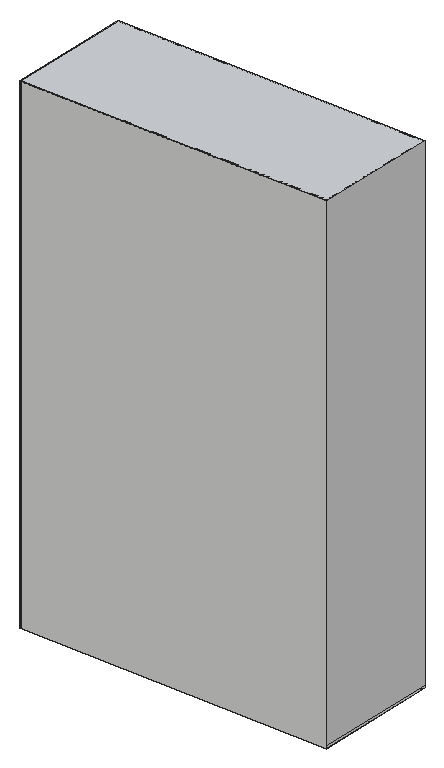
Revit family "005.1_Шкаф Altis моноблочный металлический - IP 55 - IK 10 - RAL 7035", category Электрооборудование, Revit 2016
Family settings
  Конфигурация панели = Два столбца, слева направо
  Тип детали = Щит
  Размер круглого соединителя = Использовать диаметр
  На основе рабочей плоскости = Нет
  Всегда вертикально = Да
  При загрузке вырезать с полостями = Нет
  Общий = Да
  Точка расчета площади = Нет
Parameters (values of type "1600x1000x400 мм - 1 дверь")
  Ширина = 1000 mm
  Цвет основного материала = RAL 7035
  Самозатухание = 0 °C
  Региональный представитель = ""
  Размер короба = 0 mm
  Раздел каталога = ""
  Производитель = "Legrand"
  Полная мощность = 0 VA
  Особенности продукта = ""
  Номинальный ток А = 0 A
  Номинальное напряжение = 0 V
  Номинальная мощность = (Полная мощность) * Коэффициент мощности  # 0 W
  Номер UniFormat = "D5020.30.26.24.13"
  Номер OmniClass = "21.04.50.20.30"
  Наименование в спецификации = "Шкаф Altis моноблочный металлический - IP 55 - IK 10 - RAL 7035 - 1600x1000x400 мм - 1 дверь"
  Коэффициент мощности = 0
  Количество модулей (max) = 0
  Класс защиты, IP = 55
  Единица измерения = "шт."
  Глубина = 400 mm
  Высота = 1600 mm
  Бренд = "Altis"
  Артикул = "47122"
  URL Сертификат = "http://www.e-catalogue.legrand.ru/upload/sertificates/not_oblig.pdf"
  URL Монтажная инструкция = "http://www.e-catalogue.legrand.ru/upload/files/LE05082AA-2.pdf"
  URL Каталог = "http://www.e-catalogue.legrand.ru/upload/files/DC184_238.pdf"
  URL Бренд = "http://www.e-catalogue.legrand.ru/upload/files/DC184_230.pdf"
  URL = "http://www.e-catalogue.legrand.ru/catalog/shkafy-ral-7035-glubina-400-mm/047120/?sphrase_id=1504804"
Types (29, lengths in mm): name | Ширина | Полная мощность | Номинальное напряжение | Номинальная мощность | Наименование в спецификации | Коэффициент мощности | Глубина | Высота | Артикул
  2000x1200x600 мм - 2 двери | 1200 | 0 VA | 0 V | 0 W | "Шкаф Altis моноблочный металлический - IP 55 - IK 10 - RAL 7035 - 2000x1200x600 мм - 2 двери" | 0 | 600 | 2000 | "47172"
  2000x800x600 мм - 1 дверь | 800 | 0 VA | 0 V | 0 W | "Шкаф Altis моноблочный металлический - IP 55 - IK 10 - RAL 7035 - 2000x800x600 мм - 1 дверь" | 0 | 600 | 2000 | "47171"
  1800x800x600 мм - 1 дверь | 800 | 0 VA | 0 V | 0 W | "Шкаф Altis моноблочный металлический - IP 55 - IK 10 - RAL 7035 - 1800x800x600 мм - 1 дверь" | 0 | 600 | 1800 | "47170"
  2000x1600x500 мм - 2 двери | 1600 | 0 VA | 0 V | 0 W | "Шкаф Altis моноблочный металлический - IP 55 - IK 10 - RAL 7035 - 2000x1600x500 мм - 2 двери" | 0 | 500 | 2000 | "47148"
  2000x1200x500 мм - 2 двери | 1200 | 0 VA | 0 V | 0 W | "Шкаф Altis моноблочный металлический - IP 55 - IK 10 - RAL 7035 - 2000x1200x500 мм - 2 двери" | 0 | 500 | 2000 | "47147"
  2000x1000x500 мм - 2 двери | 1000 | 0 VA | 0 V | 0 W | "Шкаф Altis моноблочный металлический - IP 55 - IK 10 - RAL 7035 - 2000x1000x500 мм - 2 двери" | 0 | 500 | 2000 | "47146"
  2000x800x500 мм - 1 дверь | 800 | 0 VA | 0 V | 0 W | "Шкаф Altis моноблочный металлический - IP 55 - IK 10 - RAL 7035 - 2000x800x500 мм - 1 дверь" | 0 | 500 | 2000 | "47145"
  1800x1600x500 мм - 2 двери | 1600 | 0 VA | 0 V | 0 W | "Шкаф Altis моноблочный металлический - IP 55 - IK 10 - RAL 7035 - 1800x1000x500 мм - 2 двери" | 0 | 500 | 1800 | "47142"
  1800x1200x500 мм - 2 двери | 1200 | 0 VA | 0 V | 0 W | "Шкаф Altis моноблочный металлический - IP 55 - IK 10 - RAL 7035 - 1800x1200x500 мм - 2 двери" | 0 | 500 | 1800 | "47143"
  1800x1000x500 мм - 2 двери | 1000 | 0 VA | 0 V | 0 W | "Шкаф Altis моноблочный металлический - IP 55 - IK 10 - RAL 7035 - 1800x1000x500 мм - 2 двери" | 0 | 500 | 1800 | "47142"
  1800x800x500 мм - 1 дверь | 800 | 0 VA | 0 V | 0 W | "Шкаф Altis моноблочный металлический - IP 55 - IK 10 - RAL 7035 - 1800x800x500 мм - 1 дверь" | 0 | 500 | 1800 | "47141"
  1800x600x500 мм - 1 дверь | 600 | 0 VA | 0 V | 0 W | "Шкаф Altis моноблочный металлический - IP 55 - IK 10 - RAL 7035 - 1800x600x500 мм - 1 дверь" | 0 | 500 | 1800 | "47140"
  2000x1600x400 мм - 2 двери | 1600 | 0 VA | 0 V | 0 W | "Шкаф Altis моноблочный металлический - IP 55 - IK 10 - RAL 7035 - 2000x1600x400 мм - 2 двери" | 0 | 400 | 2000 | "47136"
  2000x1200x400 мм - 2 двери | 1200 | 0 VA | 0 V | 0 W | "Шкаф Altis моноблочный металлический - IP 55 - IK 10 - RAL 7035 - 2000x1200x400 мм - 2 двери" | 0 | 400 | 2000 | "47135"
  2000x1000x400 мм - 2 двери | 1000 | 0 VA | 0 V | 0 W | "Шкаф Altis моноблочный металлический - IP 55 - IK 10 - RAL 7035 - 2000x1000x400 мм - 2 двери" | 0 | 400 | 2000 | "47134"
  2000x1000x400 мм - 1 дверь | 1000 | 0 VA | 0 V | 0 W | "Шкаф Altis моноблочный металлический - IP 55 - IK 10 - RAL 7035 - 2000x1000x400 мм - 1 дверь" | 0 | 400 | 2000 | "47133"
  2000x800x400 мм - 1 дверь | 800 | 0 VA | 0 V | 0 W | "Шкаф Altis моноблочный металлический - IP 55 - IK 10 - RAL 7035 - 2000x800x400 мм - 1 дверь" | 0 | 400 | 2000 | "47132"
  2000x600x400 мм - 1 дверь | 1600 | 0 VA | 0 V | 0 W | "Шкаф Altis моноблочный металлический - IP 55 - IK 10 - RAL 7035 - 2000x600x400 мм - 1 дверь" | 0 | 400 | 2000 | "47131"
  1800x1600x400 мм - 2 двери | 1600 | 0 VA | 0 V | 0 W | "Шкаф Altis моноблочный металлический - IP 55 - IK 10 - RAL 7035 - 1800x1600x400 мм - 2 двери" | 0 | 400 | 1800 | "47130"
  1800x1200x400 мм - 2 двери | 1200 | 0 VA | 0 V | 0 W | "Шкаф Altis моноблочный металлический - IP 55 - IK 10 - RAL 7035 - 1800x1200x400 мм - 2 двери" | 0 | 400 | 1800 | "47129"
  1800x1000x400 мм - 2 двери | 1000 | 0 VA | 0 V | 0 W | "Шкаф Altis моноблочный металлический - IP 55 - IK 10 - RAL 7035 - 1800x1000x400 мм - 2 двери" | 0 | 400 | 1800 | "47128"
  1800x1000x400 мм - 1 дверь | 1000 | 0 VA | 0 V | 0 W | "Шкаф Altis моноблочный металлический - IP 55 - IK 10 - RAL 7035 - 1800x1000x400 мм - 1 дверь" | 0 | 400 | 1800 | "47127"
  1800x800x400 мм - 1 дверь | 800 | 0 VA | 0 V | 0 W | "Шкаф Altis моноблочный металлический - IP 55 - IK 10 - RAL 7035 - 1800x800x400 мм - 1 дверь" | 0 | 400 | 1800 | "47126"
  1800x600x400 мм - 1 дверь | 600 | 0 VA | 0 V | 0 W | "Шкаф Altis моноблочный металлический - IP 55 - IK 10 - RAL 7035 - 1800x600x400 мм - 1 дверь" | 0 | 400 | 1800 | "47125"
  1600x1200x400 мм - 2 двери | 1200 | 350 VA | 400 V | 350 W | "Шкаф Altis моноблочный металлический - IP 55 - IK 10 - RAL 7035 - 1600x1200x400 мм - 2 двери" | 1 | 400 | 1600 | "47124"
  1600x1000x400 мм - 2 двери | 1000 | 0 VA | 0 V | 0 W | "Шкаф Altis моноблочный металлический - IP 55 - IK 10 - RAL 7035 - 1600x1000x400 мм - 2 двери" | 0 | 400 | 1600 | "47123"
  1600x800x400 мм - 1 дверь | 800 | 0 VA | 0 V | 0 W | "Шкаф Altis моноблочный металлический - IP 55 - IK 10 - RAL 7035 - 1600x800x400 мм - 1 дверь" | 0 | 400 | 1600 | "47121"
  1600x600x400 мм - 1 дверь | 600 | 0 VA | 0 V | 0 W | "Шкаф Altis моноблочный металлический - IP 55 - IK 10 - RAL 7035 - 1600x600x400 мм - 1 дверь" | 0 | 400 | 1600 | "47120"
  1600x1000x400 мм - 1 дверь | 1000 | 0 VA | 0 V | 0 W | "Шкаф Altis моноблочный металлический - IP 55 - IK 10 - RAL 7035 - 1600x1000x400 мм - 1 дверь" | 0 | 400 | 1600 | "47122"
Reference planes
  plane 1 "По центру (Вперед/Назад)": y = 0
  plane 2: z = 0
  plane 3 "По центру (Влево/Вправо)": x = 0
  plane 4: y = 200
  plane 5: x = -500
  plane 6: y = -200
  plane 7: x = 500
  plane 8: z = 1600
Forms (mm)
  Extrusion 1, solid, material "RAL 7035"
    sketch origin (0, 0, 0) x (1, 0, 0) y (0, 1, 0)
      loop
        line (-500, 200) -> (-500, -200) -> (500, -200) -> (500, 200) -> (-500, 200)
      loop
        line (-498.5, -198.5) -> (498.5, -198.5) -> (498.5, 198.5) -> (-498.5, 198.5) -> (-498.5, -198.5)
    from 0 to 1600
  Extrusion 2, solid
    sketch origin (0, 0, 0) x (1, 0, 0) y (0, 0, 1)
      loop
        line (-498.5, 1600) -> (-498.5, 1595.75) -> (500, 1595.75) -> (500, 1600) -> (-498.5, 1600)
      loop
        line (-498.5, 0) -> (500, 0) -> (500, 7.909) -> (-498.5, 7.909) -> (-498.5, 0)
    from -200 to 200
Dimensions and locks
  equal spacing: plane 4, plane 1 "По центру (Вперед/Назад)", plane 6
  equal spacing: plane 5, plane 3 "По центру (Влево/Вправо)", plane 7
  "Ширина": plane 5 to plane 7
  "Глубина": plane 4 to plane 6
  "Высота": level to plane 8
  aligned and locked: level to plane 2
  aligned and locked: Extrusion 1 sketch curve to plane 4
  aligned and locked: Extrusion 1 sketch curve to plane 6
  aligned and locked: plane 7 to Extrusion 1 sketch curve
  aligned and locked: plane 8 to Extrusion 1
  aligned and locked: Extrusion 2 sketch curve to Extrusion 1
  aligned and locked: Extrusion 1 to Extrusion 2 sketch curve  (x2)
  aligned and locked: plane 7 to Extrusion 2 sketch curve
  aligned and locked: Extrusion 2 sketch curve to plane 7
  aligned and locked: plane 4 to Extrusion 2
  aligned and locked: plane 6 to Extrusion 2
Automatic sketch dimensions
  Extrusion 1 sketch curve to plane 5 = 0 mm
  plane 5 to Extrusion 1 sketch curve = 1.5 mm
  Extrusion 1 sketch curve to plane 4 = 1.5 mm
  plane 7 to Extrusion 1 sketch curve = 1.5 mm
  Extrusion 1 sketch curve to plane 6 = 1.5 mm
  plane 5 to Extrusion 2 sketch curve = 1.5 mm
  level to Extrusion 2 sketch curve = 7.909 mm
  Extrusion 2 sketch curve to plane 8 = 4.25 mm
  plane 7 to Extrusion 2 sketch curve = 0 mm
Connectors
  electrical at (0, 0, 0), driven by "Номинальное напряжение", driven by "Полная мощность", driven by "Коэффициент мощности"
    settings: on Extrusion 1, index 1, voltage 0 V, apparent load 0 VA, apparent load phase1 0 VA, apparent load phase2 0 VA, apparent load phase3 0 VA, power factor 0, load classification "Прочее", number of poles 1, system type 31, power factor state 1, is connector primary yes, connector utility no, sub classification motor no, connector description ""
